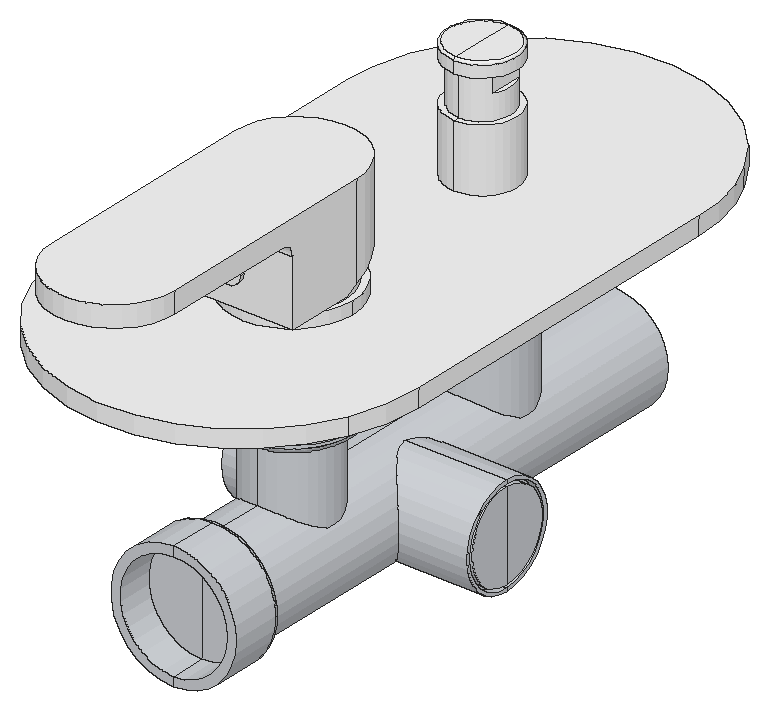
Revit family "Reece_Tap_Mizu_Soothe_Shower Mixer_Diverter", category Plumbing Fixtures, host Face, Revit 2018
Family settings
  Host = Face
  Round Connector Dimension = Use Diameter
  Part Type = Normal
  Cut with Voids When Loaded = No
  Shared = Yes
  Room Calculation Point = Yes
Parameters
  WFU = 0  # constant formula
  URL = "https://www.reece.com.au/product/-9503820"
  Type Comments = "Tap"
  Reece_Tap_Inlet = 25 mm  # constant formula
  Reece_Product_Web Page = "https://www.reece.com.au/product/-9503820"
  Reece_Product_Type = "Tap"  # constant formula
  Reece_Product_Sub Brand = "Soothe"  # constant formula
  Reece_Product_Number = "9503820"
  Reece_Product_Mount = "Wall Mounted"
  Reece_Product_Description = "Mizu Soothe Shower Mixer Tap with Diverter Chrome"
  Reece_Product_Brand = "Mizu"  # constant formula
  Reece_Overall_Width = 100 mm  # constant formula
  Reece_Overall_Projection = 35 mm  # constant formula
  Reece_Overall_Height = 214 mm  # constant formula
  Reece_Material-Main = Reece_Brass_Chrome
  Reece_Detail_Installation = ""
  Reece_Detail_Disclaimer = "THIS FILE IS THE PROPERTY OF THE REECE GROUP. IT MAY NOT BE REPRODUCED, REVERSE-ENGINEERED OR MODIFIED. ANY REPUBLICATION, TRANSMISSION OR DISTRIBUTION FOR THE PURPOSE OF COMMERCIALLY EXPLOITING THE FILES IS PROHIBITED."  # constant formula
  Reece_Detail_Connector = ""
  Reece_Detail_Additional = "Shower Mixer"
  Reece_Backplate_Length = 200 mm  # constant formula
  Reece_Backplate_Height = 5 mm  # constant formula
  Model = "Soothe"
  Manufacturer = "Mizu"
  Keynote = "Product #9503820, Reece_Tap_Mizu_Soothe_Shower Mixer_Diverter -  "
  HWFU = 0  # constant formula
  Disclaimer = "THIS FILE IS THE PROPERTY OF THE REECE GROUP. IT MAY NOT BE REPRODUCED, REVERSE-ENGINEERED OR MODIFIED. ANY REPUBLICATION, TRANSMISSION OR DISTRIBUTION FOR THE PURPOSE OF COMMERCIALLY EXPLOITING THE FILES IS PROHIBITED."  # constant formula
  Description = "Mizu Soothe Shower Mixer Tap with Diverter Chrome"
  Default Elevation = 1000 mm
  CWFU = 0  # constant formula
Types (3, lengths in mm): name | URL | Reece_Product_Web Page | Reece_Product_Number | Reece_Product_Description | Reece_Material-Main | Reece_Detail_Additional | Keynote | Description
  (no name) | "https://www.reece.com.au/product/-9503820" | "https://www.reece.com.au/product/-9503820" | "9503820" | "Mizu Soothe Shower Mixer Tap with Diverter Chrome" | Reece_Brass_Chrome | "Shower Mixer" | "Product #9503820, Reece_Tap_Mizu_Soothe_Shower Mixer_Diverter -  " | "Mizu Soothe Shower Mixer Tap with Diverter Chrome"
  Chrome | "https://www.reece.com.au/product/-9503820" | "https://www.reece.com.au/product/-9503820" | "9503820" | "Mizu Soothe Shower Mixer Tap with Diverter Chrome" | Reece_Brass_Chrome | "Shower Mixer" | "Product #9503820, Reece_Tap_Mizu_Soothe_Shower Mixer_Diverter - Chrome" | "Mizu Soothe Shower Mixer Tap with Diverter Chrome"
  Matte Black | "https://www.reece.com.au/product/-9506863" | "https://www.reece.com.au/product/-9506863" | "9506863" | "Mizu Soothe Shower Mixer Tap with Diverter Matte Black" | Reece_Brass_Matte Black | "" | "Product #9506863, Reece_Tap_Mizu_Soothe_Shower Mixer_Diverter - Matte Black" | "Mizu Soothe Shower Mixer Tap with Diverter Matte Black"
Reference planes
  plane 1 "Center (Front/Back)": y = 0
  plane 2 "Bottom": z = 0
  plane 3 "Center (Left/Right)": x = 0
  plane 4: y = 100
  plane 5: y = -100
  plane 6: x = 50
  plane 7: x = -50
  plane 8: y = -114
  plane 9: y = -33
  plane 10: y = 35
  plane 11: z = 39
  plane 12: z = -77
  plane 13: z = -60
  plane 14: z = 5
Forms (mm)
  Extrusion 1, solid, material "Reece_Brass_Chrome" <- "Reece_Material-Main"
    sketch origin (-0.08, 0.08, 0) x (0, 1, 0) y (-1, 0, 0)
      loop
        arc (-50, 50) -> (-58.537, 49.266) -> (-66.823, 47.085) r 50
        arc (-66.823, 47.085) -> (-99.971, 1.697) -> (-69.979, -45.835) r 50
        arc (-69.979, -45.835) -> (-60.204, -48.948) -> (-50, -50) r 50
        line (-50, -50) -> (50, -50)
        arc (50, -50) -> (61.966, -48.547) -> (73.236, -44.273) r 50
        arc (73.236, -44.273) -> (99.336, 8.12) -> (57.821, 49.385) r 50
        arc (57.821, 49.385) -> (53.922, 49.846) -> (50, 50) r 50
        line (50, 50) -> (-50, 50)
    from 0 to 5
  Extrusion 2, solid, material "Reece_Brass_Chrome" <- "Reece_Material-Main"
    sketch origin (0, 0, 5) x (1, 0, 0) y (0, 1, 0)
      loop
        circle (0, -33) r 17.5
    from 0 to 3.5
  Revolve 3, solid, material "Reece_Brass_Chrome" <- "Reece_Material-Main"
    sketch origin (0, -33.505, -101.5) x (0, 1, 0) y (0, 0, 1)
      loop
        arc (15.725, 110) -> (14.168, 117.288) -> (9.39, 123.008) r 15.5
        line (9.39, 123.008) -> (0, 123.008) -> (0, 110) -> (15.725, 110)
      axis (0, 123.008) -> (0, 110)
    angle from 0 to 360
  Extrusion 4, void
    sketch origin (0, -33.505, -102.5) x (0, 1, 0) y (0, 0, 1)
      loop
        line (24, 124.587) -> (-1.865, 113.071) -> (24, 113.071) -> (24, 124.587)
    from -24.886 to 22.5
  Extrusion 5, solid, material "Reece_Brass_Chrome" <- "Reece_Material-Main"
    sketch origin (0, -33.505, -81.6) x (1, 0, 0) y (0, 1, 0)
      loop
        arc (17.5, 2.005) -> (0, 19.505) -> (-17.5, 2.005) r 17.5
        line (-17.5, 2.005) -> (-17.5, -62.995)
        arc (-17.5, -62.995) -> (0, -80.495) -> (17.5, -62.995) r 17.5
        line (17.5, -62.995) -> (17.5, 2.005)
    from 92.171 to 120.6
  Revolve 6, solid, material "Reece_Brass_Chrome" <- "Reece_Material-Main"
    sketch origin (0, 0, 0) x (0, 1, 0) y (0, 0, 1)
      loop
        line (35, 5) -> (35, 39) -> (25.67, 39)
        arc (25.67, 39) -> (25.196, 38.804) -> (25, 38.33) r 0.67
        line (25, 38.33) -> (25, 35) -> (26.739, 35) -> (26.739, 23) -> (25, 23) -> (25, 5) -> (35, 5)
      axis (35, 39) -> (35, 5)
    angle from 0 to 360
  Extrusion 7, void
    sketch origin (0, 0, 0) x (0, 1, 0) y (0, 0, -1)
      loop
        line (42.573, -35) -> (42.573, -30) -> (28.666, -30) -> (28.666, -35) -> (42.573, -35)
    from 6.823 to 12.001
  Extrusion 8, void
    sketch origin (0, 0, 0) x (0, 1, 0) y (0, 0, 1)
      loop
        line (43.773, 35) -> (25.971, 35) -> (25.971, 30) -> (43.773, 30) -> (43.773, 35)
    from 6.823 to 12.001
  Extrusion 9, solid
    sketch origin (0, -1.25, 0) x (1, 0, 0) y (0, 1, 0)
      loop
        circle (0, -31.73) r 17.5
    from 0 to -24.845
  Extrusion 10, void
    sketch origin (0, -1.25, 0) x (1, 0, 0) y (0, 1, 0)
      loop
        circle (0, -31.73) r 17.5
    from 0 to -10.022
  Revolve 11, solid
    sketch origin (0, 0, 0) x (0, 1, 0) y (0, 0, 1)
      loop
        line (81.975, -60) -> (81.975, -44.667) -> (-60, -44.667) -> (-60, -43.115)
        arc (-60, -43.115) -> (-60.317, -42.349) -> (-61.083, -42.032) r 1.083
        line (-61.083, -42.032) -> (-75, -42.032) -> (-75, -44.667) -> (-65, -44.667) -> (-65, -60) -> (81.975, -60)
      axis (81.975, -60) -> (-75, -60)
    angle from 0 to 360
  Revolve 12, solid
    sketch origin (0, 0, 0) x (0, 1, 0) y (0, 0, 1)
      loop
        line (-32.98, -24.845) -> (-50.48, -24.845) -> (-50.48, -25.766)
        arc (-50.48, -25.766) -> (-50.064, -26.769) -> (-49.061, -27.184) r 1.419
        line (-49.061, -27.184) -> (-45.205, -27.184) -> (-45.205, -54.845) -> (-32.98, -54.845) -> (-32.98, -24.845)
      axis (-32.98, -24.845) -> (-32.98, -54.845)
    angle from 0 to 360
  Revolve 13, void
    sketch origin (0, 0, 0) x (0, 1, 0) y (0, 0, 1)
      loop
        line (35, 1.261) -> (25, 1.261) -> (25, -10.74) -> (35, -10.74) -> (35, 1.261)
      axis (35, 1.261) -> (35, -10.74)
    angle from 0 to 360
  Revolve 14, solid
    sketch origin (0, 0, 0) x (0, 1, 0) y (0, 0, 1)
      loop
        line (35, -5.959) -> (25, -5.959) -> (25, -18.241) -> (21.818, -18.241) -> (21.818, -53.241) -> (35, -53.241) -> (35, -5.959)
      axis (35, -5.959) -> (35, -53.241)
    angle from 0 to 360
  Revolve 15, solid
    sketch origin (0, 0, 0) x (1, 0, 0) y (0, 0, 1)
      loop
        line (-35, -60) -> (-35, -72.5) -> (-32.668, -72.5) -> (-32.668, -73.346) -> (-35, -73.346) -> (-35, -74.249) -> (35, -74.249) -> (35, -73.346) -> (32.668, -73.346) -> (32.668, -72.5) -> (35, -72.5) -> (35, -60) -> (-35, -60)
      axis (-35, -60) -> (35, -60)
    angle from 0 to 360
  Extrusion 16, void
    sketch origin (0, 0, 0) x (0, 1, 0) y (0, 0, 1)
      loop
        arc (-54.628, 29.261) -> (-55.723, 31.905) -> (-58.367, 33) r 3.739
        line (-58.367, 33) -> (-114, 33) -> (-114, 9.261) -> (-54.628, 9.261) -> (-54.628, 29.261)
    from -35 to 35
  Extrusion 17, solid, material "Reece_Brass_Chrome" <- "Reece_Material-Main"
    sketch origin (0, -54.628, -106.968) x (1, 0, 0) y (0, 0, 1)
      loop
        circle (0, 126.884) r 3.5
    from 0 to 1
Cuts and joins
  Extrusion 16 cuts Extrusion 2
  Extrusion 16 cuts Revolve 3
  Extrusion 4, Extrusion 16 cuts Extrusion 5
  joined: Extrusion 2, Revolve 3, Extrusion 5
  Extrusion 7, Extrusion 8 cuts Revolve 6
  Extrusion 10 cuts Extrusion 1
  joined: Extrusion 9, Revolve 11, Revolve 12, Revolve 14, Revolve 15
Text (mm)
  text "Reece Copyright © 2018, Reece Ltd." at (-1403.988, -1192.393, 0), in view "Ref. Level"
  text "Reece ©" at (44.384, 258.95, 192.345), in view "Reece Preview"
Dimensions and locks
  plane 4 to plane 5 = 200 mm
  plane 7 to plane 6 = 100 mm
  aligned and locked: plane 2 "Bottom" to host face
  aligned and locked: level to host face
Connectors
  piping at (0, -65, -60), diameter 25, driven by "Reece_Tap_Inlet"
    settings: on cut or joined group of Extrusion 9, Revolve 11, Revolve 12, Revolve 14, Revolve 15, index 1, connector inside diameter 609.6 mm, connector length 0 mm, flow factor 0, pipe flow 0.0 L/s, pressure drop 0.0 Pa, fitting loss kfactor 0, connector angle 0.00°, fixture units 0, engagement length 0 mm, angle of deflection 0.00°, flow configuration 0, flow direction 2, fitting loss method 0, system type 29, joint type 0, gender type 0, connector reference index -1, connector utility 0, adjustable connector no, is connector primary yes, connector description ""
  piping at (-35, 0, -60), diameter 25, driven by "Reece_Tap_Inlet"
    settings: on cut or joined group of Extrusion 9, Revolve 11, Revolve 12, Revolve 14, Revolve 15, index 2, connector inside diameter 609.6 mm, connector length 0 mm, flow factor 0, pipe flow 0.0 L/s, pressure drop 0.0 Pa, fitting loss kfactor 0, connector angle 0.00°, fixture units 0, engagement length 0 mm, angle of deflection 0.00°, flow configuration 0, flow direction 1, fitting loss method 0, system type 29, joint type 0, gender type 0, connector reference index -1, connector utility 0, adjustable connector no, is connector primary no, connector description ""
  piping at (35, 0, -60), diameter 25, driven by "Reece_Tap_Inlet"
    settings: on cut or joined group of Extrusion 9, Revolve 11, Revolve 12, Revolve 14, Revolve 15, index 3, connector inside diameter 609.6 mm, connector length 0 mm, flow factor 0, pipe flow 0.0 L/s, pressure drop 0.0 Pa, fitting loss kfactor 0, connector angle 0.00°, fixture units 0, engagement length 0 mm, angle of deflection 0.00°, flow configuration 0, flow direction 1, fitting loss method 0, system type 29, joint type 0, gender type 0, connector reference index -1, connector utility 0, adjustable connector no, is connector primary no, connector description ""
